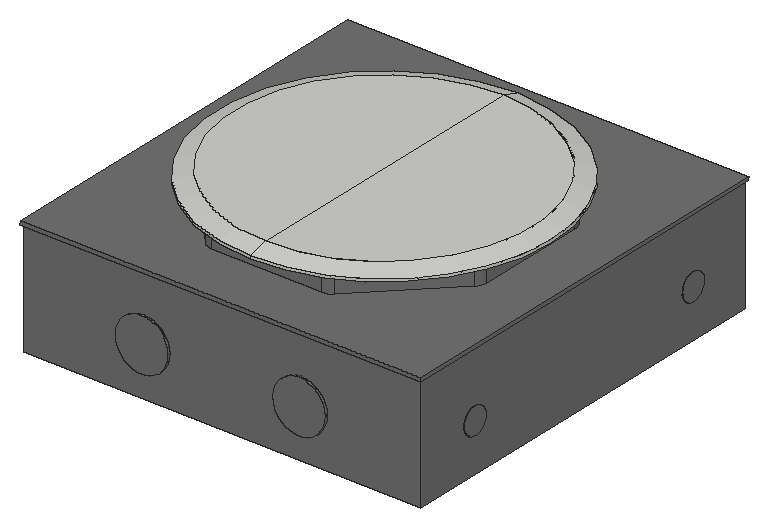
Revit family "Electrical_Equipment-Floor_Box-Hubbell_Wiring-4_Gang-Concrete_Deep-CFB4G30RCI", category Electrical Fixtures, host Face, Revit 2015
Parameters (values of type "CFB4G30RCI")
  URL = "http://www.hubbell-wiring.com/"
  Product data url = "https://bimobject.com/hubbellwiring/product/hubbell-cfb4g30"
  Product Page URL = "http://ecatalog.hubbell-wiring.com/productinformation/viewcatalog.aspx?Dest=hubbell-wiring.com/press/catalog/O.pdf"
  Product Documentation Link = "http://www.hubbell-wiring.com/DrawingLibrary.aspx/"
  Model = "CFB4G30RCI"
  Manufacturer = "Hubbell-Wiring"  # constant formula
  Keynote = ""
  Device Plate 4 [instance] = Device Plate : FBMP139 - Simplex / 20A - 1.39" circular opening
  Device Plate 3 [instance] = Device Plate : FBMP139 - Simplex / 20A - 1.39" circular opening
  Device Plate 2 [instance] = Device Plate : FBMP139 - Simplex / 20A - 1.39" circular opening
  Device Plate 1 [instance] = Device Plate : FBMP139 - Simplex / 20A - 1.39" circular opening
  Description = "Concrete Floor Box, 4 Gang for 8in Round Cover - Cast Iron"  # constant formula
  Default Elevation = 0.00"
  Cover Type [instance] = CFBS1R8CVR : CFBS1R8CVRNK - Nickel Cover
  Conduit Connector_8 Description = "Conduit 0.75in. Connection"
  Conduit Connector_7 Description = "Conduit 0.75in. Connection"
  Conduit Connector_6 Description = "Conduit 0.75in. Connection"
  Conduit Connector_5 Description = "Conduit 0.75in. Connection"
  Conduit Connector_4 Description = "Conduit 1.5in. Connection"
  Conduit Connector_3 Description = "Conduit 1.5in. Connection"
  Conduit Connector_2 Description = "Conduit 1.5in. Connection"
  Conduit Connector_1 Description = "Conduit 1.5in. Connection"
  Conduit Connector 2 Radius = 0.375"
  Conduit Connector 1 Radius = 0.75"
  Box Material = Metal - Hubbell - Cast Iron
  Assembly Code = "D5020115"
Reference planes (in)
  plane 1 "Center (Front/Back)": y = 0
  plane 2: z = 0
  plane 3 "Center (Left/Right)": x = 0
  plane 4 "Bottom": z = -3.92
  plane 5: y = -3.9
  plane 6: z = -2.5
  plane 7: z = -3.98
  plane 8: x = -5.66626
  plane 9: x = 5.66626
  plane 10: y = 5.79
  plane 11: y = -5.79
  plane 12: z = -3.82
  plane 13: x = -5.46626
  plane 14: x = 5.46626
  plane 15: y = 5.59798
  plane 16: y = -5.59798
  plane 17: z = -0.64
  plane 18: y = 3.9
  plane 19: x = -5.72
  plane 20: x = 5.72
  plane 21: y = -5.85
  plane 22: y = 5.85
  plane 23: x = -2.25
  plane 24: x = 2.25
  plane 25: z = -0.54
Forms (in)
  Extrusion 1, solid, material "Metal - Hubbell - Cast Iron" <- "Box Material"
    sketch origin (0, 0, -3.92) x (0, 1, 0) y (-1, 0, 0)
      loop
        line (-5.79, 5.66626) -> (-5.79, -5.66626) -> (5.79, -5.66626) -> (5.79, 5.66626) -> (-5.79, 5.66626)
    from 0 to 3.28
  Extrusion 2, solid, material "Metal - Hubbell - Cast Iron" <- "Box Material", detail levels medium+fine
    sketch origin (0, 0, 0) x (1, 0, 0) y (0, 0, 1)
      loop
        circle (-2.25, -2.5) r 0.75
      loop
        circle (2.25, -2.5) r 0.75
    from 5.79 to 5.85
  Extrusion 3, solid, material "Metal - Hubbell - Cast Iron" <- "Box Material", detail levels medium+fine
    sketch origin (0, 0, 0) x (1, 0, 0) y (0, 0, -1)
      loop
        circle (-2.25, 2.5) r 0.75
      loop
        circle (2.25, 2.5) r 0.75
    from 5.79 to 5.85
  Extrusion 4, solid, material "Metal - Hubbell - Cast Iron" <- "Box Material", detail levels medium+fine
    sketch origin (0, 0, 0) x (0, 1, 0) y (0, 0, 1)
      loop
        circle (-3.9, -2.5) r 0.375
      loop
        circle (3.9, -2.5) r 0.375
    from 5.66626 to 5.72
  Extrusion 5, solid, material "Metal - Hubbell - Cast Iron" <- "Box Material", detail levels medium+fine
    sketch origin (0, 0, 0) x (0, 1, 0) y (0, 0, -1)
      loop
        circle (-3.9, 2.5) r 0.375
      loop
        circle (3.9, 2.5) r 0.375
    from 5.66626 to 5.72
  Extrusion 6, void
    sketch origin (0, 0, 0) x (1, 0, 0) y (0, 1, 0)
      loop
        line (-5.46626, 5.59798) -> (-5.46626, -5.59798) -> (5.46626, -5.59798) -> (5.46626, 5.59798) -> (-5.46626, 5.59798)
    from -3.82 to -0.64
  Extrusion 7, void
    sketch origin (0, 0, 0) x (1, 0, 0) y (0, 1, 0)
      loop
        line (-5.72, 5.85) -> (-5.72, -5.85) -> (5.72, -5.85) -> (5.72, 5.85) -> (-5.72, 5.85)
    from -3.98 to -0.64
  Sweep 8, solid, material "Metal - Hubbell - Cast Iron" <- "Box Material"
    path origin (0, 0, 0) x (0, 1, 0) y (0, 0, 1)
      loop
        line (0, -0.64) -> (0, -0.54)
    profile origin (0, 0, -0.59) x (0, -1, 0) y (1, 0, 0)
      loop
        line (-5.85, -5.72) -> (5.85, -5.72) -> (5.85, 5.72) -> (-5.85, 5.72) -> (-5.85, -5.72)
  Sweep 9, solid, material "Metal - Hubbell - Cast Iron" <- "Box Material"
    path origin (0, 0, 0) x (0, 1, 0) y (0, 0, 1)
      loop
        line (0, -0.54) -> (0, 0)
    profile origin (0, 0, -0.27) x (0, -1, 0) y (1, 0, 0)
      loop
        arc (-4.18574, -1.57302) -> (-4.15573, -1.72386) -> (-4.07029, -1.85174) r 0.39416
        line (-4.07029, -1.85174) -> (-1.84924, -4.07279)
        arc (-1.84924, -4.07279) -> (-1.72136, -4.15823) -> (-1.57052, -4.18824) r 0.39416
        line (-1.57052, -4.18824) -> (1.57052, -4.18824)
        arc (1.57052, -4.18824) -> (1.72136, -4.15823) -> (1.84924, -4.07279) r 0.39416
        line (1.84924, -4.07279) -> (4.07029, -1.85174)
        arc (4.07029, -1.85174) -> (4.15573, -1.72386) -> (4.18574, -1.57302) r 0.39416
        line (4.18574, -1.57302) -> (4.18574, 1.56802)
        arc (4.18574, 1.56802) -> (4.15573, 1.71886) -> (4.07029, 1.84674) r 0.39416
        line (4.07029, 1.84674) -> (1.84924, 4.06779)
        arc (1.84924, 4.06779) -> (1.72136, 4.15323) -> (1.57052, 4.18324) r 0.39416
        line (1.57052, 4.18324) -> (-1.57052, 4.18324)
        arc (-1.57052, 4.18324) -> (-1.72136, 4.15323) -> (-1.84924, 4.06779) r 0.39416
        line (-1.84924, 4.06779) -> (-4.07029, 1.84674)
        arc (-4.07029, 1.84674) -> (-4.15573, 1.71886) -> (-4.18574, 1.56802) r 0.39416
        line (-4.18574, 1.56802) -> (-4.18574, -1.57302)
Cuts and joins
  Extrusion 6 cuts Extrusion 1
Lines and regions (in)
  symbolic lines
    curve 1: line (0, -5.79, -3.92) -> (0, -5.79, -0.54)
    curve 2: line (0, 5.79, -0.54) -> (0, -5.79, -0.54)
    curve 3: line (0, 5.79, -0.54) -> (0, 5.79, -3.92)
    curve 4: line (0, 5.79, -3.92) -> (0, -5.79, -3.92)
    curve 5: line (5.66626, 0, -0.54) -> (-5.66626, 0, -0.54)
    curve 6: line (-5.66626, 0, -0.54) -> (-5.66626, 0, -3.92)
    curve 7: line (-5.66626, 0, -3.92) -> (5.66626, 0, -3.92)
    curve 8: line (5.66626, 0, -3.92) -> (5.66626, 0, -0.54)
Dimensions and locks (in)
  level to plane 4 "Bottom" = 3.92"
  level to plane 7 = 3.98"
  level to plane 12 = 3.82"
  plane 6 to level = 2.50"
  level to plane 17 = 0.64"
  locked: plane 5 to Extrusion 5 sketch curve at 0
  locked: plane 6 to Extrusion 5 sketch curve at 0  (x2)
  locked: plane 18 to Extrusion 5 sketch curve at 0
  locked: plane 5 to Extrusion 4 sketch curve at 0
  locked: plane 6 to Extrusion 4 sketch curve at 0  (x2)
  locked: plane 18 to Extrusion 4 sketch curve at 0
  host face to plane 4 "Bottom" = 3.92"
  equal spacing: plane 24, plane 3 "Center (Left/Right)", plane 23
  locked: plane 3 "Center (Left/Right)" to plane 23 at 2.25
  equal spacing: plane 18, plane 1 "Center (Front/Back)", plane 5
  plane 18 to plane 1 "Center (Front/Back)" = 3.90"
  equal spacing: plane 16, plane 1 "Center (Front/Back)", plane 15
  equal spacing: plane 11, plane 1 "Center (Front/Back)", plane 10
  equal spacing: plane 21, plane 1 "Center (Front/Back)", plane 22
  equal spacing: plane 13, plane 3 "Center (Left/Right)", plane 14
  equal spacing: plane 8, plane 3 "Center (Left/Right)", plane 9
  equal spacing: plane 19, plane 3 "Center (Left/Right)", plane 20
  plane 19 to plane 20 = 11.44"
  locked: plane 22 to plane 21 at 11.7
  locked: plane 22 to plane 10 at 0.06
  locked: plane 15 to plane 22 at 0.25202
  locked: plane 19 to plane 8 at 0.05374
  locked: plane 19 to plane 13 at 0.25374
  plane 25 to plane 17 = 0.10"
  plane 2 to plane 4 "Bottom" = 3.92"
  locked: plane 3 "Center (Left/Right)" to Sweep 9 at 4.18324
  "Conduit Connector 2 Radius": radius of Extrusion 5 sketch curve  (x2)
  "Conduit Connector 2 Radius": radius of Extrusion 4 sketch curve  (x2)
  "Conduit Connector 1 Radius": radius of Extrusion 2 sketch curve  (x2)
  "Conduit Connector 1 Radius": radius of Extrusion 3 sketch curve  (x2)
  aligned and locked: host face to plane 2
  aligned and locked: level to host face
  aligned and locked: plane 8 to Extrusion 5
  aligned and locked: Extrusion 4 to plane 9
  aligned and locked: Extrusion 2 to plane 11
  aligned and locked: plane 10 to Extrusion 3
  aligned and locked: Extrusion 1 to plane 4 "Bottom"
  aligned and locked: Extrusion 1 sketch curve to plane 9
  aligned and locked: plane 10 to Extrusion 1 sketch curve
  aligned and locked: plane 8 to Extrusion 1 sketch curve
  aligned and locked: plane 11 to Extrusion 1 sketch curve
  aligned and locked: cut or joined group of Extrusion 1, Extrusion 6 to plane 13
  aligned and locked: plane 14 to cut or joined group of Extrusion 1, Extrusion 6
  aligned and locked: cut or joined group of Extrusion 1, Extrusion 6 to plane 15
  aligned and locked: plane 16 to cut or joined group of Extrusion 1, Extrusion 6
  aligned and locked: curve 4 to plane 4 "Bottom"
  aligned and locked: plane 11 to curve 1
  aligned and locked: Extrusion 5 to plane 19
  aligned and locked: plane 20 to Extrusion 4
  aligned and locked: plane 21 to Extrusion 2
  aligned and locked: plane 22 to Extrusion 3
  aligned and locked: curve 7 to plane 4 "Bottom"
  aligned and locked: plane 9 to curve 8
  aligned and locked: Extrusion 6 to plane 12
  aligned and locked: plane 23 to Extrusion 2 sketch curve
  aligned and locked: plane 24 to Extrusion 2 sketch curve
  aligned and locked: plane 6 to Extrusion 2 sketch curve  (x2)
  aligned and locked: plane 23 to Extrusion 3 sketch curve
  aligned and locked: plane 6 to Extrusion 3 sketch curve  (x2)
  aligned and locked: plane 24 to Extrusion 3 sketch curve
  aligned and locked: plane 17 to Extrusion 6
  aligned and locked: Extrusion 1 to Extrusion 6
  aligned and locked: plane 10 to curve 3
  aligned and locked: Extrusion 7 to plane 19
  aligned and locked: plane 20 to Extrusion 7
  aligned and locked: plane 21 to Extrusion 7
  aligned and locked: plane 22 to Extrusion 7
  aligned and locked: Extrusion 7 to plane 7
  aligned and locked: Extrusion 7 to cut or joined group of Extrusion 1, Extrusion 6
  aligned and locked: plane 25 to Sweep 8 sketch curve
  aligned and locked: plane 17 to Sweep 8 sketch curve
  aligned and locked: plane 1 "Center (Front/Back)" to Sweep 8 sketch curve
  aligned and locked: plane 1 "Center (Front/Back)" to Sweep 9 sketch curve
  aligned and locked: plane 2 to Sweep 9 sketch curve
  aligned and locked: plane 25 to Sweep 9 sketch curve
  aligned and locked: Sweep 8 sketch curve to plane 21
  aligned and locked: Sweep 8 sketch curve to plane 20
  aligned and locked: Sweep 8 sketch curve to plane 22
  aligned and locked: Sweep 8 sketch curve to plane 19
  aligned and locked: plane 3 "Center (Left/Right)" to nested 1
  aligned and locked: plane 1 "Center (Front/Back)" to nested 1
  aligned and locked: curve 6 to plane 8
  aligned and locked: plane 25 to curve 5
  aligned and locked: curve 2 to plane 25
Automatic sketch dimensions
  host sketch curve to host sketch curve = 96.00"  (x2)
  Extrusion 6 sketch curve to plane 13 = 0.00"
  plane 14 to Extrusion 6 sketch curve = 0.00"
  plane 16 to Extrusion 6 sketch curve = 0.00"
  Extrusion 6 sketch curve to plane 15 = 0.00"
  Extrusion 7 sketch curve to plane 19 = 0.00"
  plane 19 to Extrusion 7 sketch curve = 11.44"
  Extrusion 7 sketch curve to plane 22 = 11.70"
  Extrusion 7 sketch curve to Extrusion 7 sketch curve = 11.70"
  Sweep 9 sketch curve to plane 3 "Center (Left/Right)" = 1.57302"
  profile plane to Sweep 9 sketch curve = 4.18574"
  Sweep 9 sketch curve to Sweep 9 sketch curve = 0.11545"  (x6)
  Sweep 9 sketch curve to Sweep 9 sketch curve = 0.39416"  (x3)
  plane 3 "Center (Left/Right)" to Sweep 9 sketch curve = 1.56802"  (x2)
  profile plane to Sweep 9 sketch curve = 1.84924"
  Sweep 9 sketch curve to Sweep 9 sketch curve = 2.22105"  (x3)
  Sweep 9 sketch curve to Sweep 9 sketch curve = 0.27872"  (x6)
  Sweep 9 sketch curve to profile plane = 1.57052"
  Sweep 9 sketch curve to plane 3 "Center (Left/Right)" = 1.85174"
  Sweep 9 sketch curve to profile plane = 1.84924"
  profile plane to Sweep 9 sketch curve = 1.57052"
  plane 3 "Center (Left/Right)" to Sweep 9 sketch curve = 1.84674"
Nested families (in)
  nested 1: "CFBS1R8CVR" at (0, 0, 0), type <- "Cover Type", type "CFBS1R8CVRNK - Nickel Cover"
  nested 2: "Device Plate" at (-0.02852, -0.40202, 0), type "FBMP139 - Simplex / 20A - 1.39" circular opening"
Connectors (in)
  cabletrayconduit at (-2.25, -5.85, -2.5), diameter 1.5, driven by "Conduit Connector 1 Radius", driven by "Conduit Connector_1 Description"
    settings: on Extrusion 2, index 1, connector width 12.00", connector height 12.00", connector angle 0.00°, system type 32, placement type 0, profile type 0, connector reference index -1, is primary connector yes, connector utility param no, connector description "Conduit 1.5in. Connection"
  cabletrayconduit at (2.25, -5.85, -2.5), diameter 1.5, driven by "Conduit Connector 1 Radius", driven by "Conduit Connector_2 Description"
    settings: on Extrusion 2, index 2, connector width 12.00", connector height 12.00", connector angle 0.00°, system type 32, placement type 0, profile type 0, connector reference index -1, is primary connector no, connector utility param no, connector description "Conduit 1.5in. Connection"
  cabletrayconduit at (2.25, 5.85, -2.5), diameter 1.5, driven by "Conduit Connector 1 Radius", driven by "Conduit Connector_3 Description"
    settings: on Extrusion 3, index 3, connector width 12.00", connector height 12.00", connector angle 0.00°, system type 32, placement type 0, profile type 0, connector reference index -1, is primary connector no, connector utility param no, connector description "Conduit 1.5in. Connection"
  cabletrayconduit at (-2.25, 5.85, -2.5), diameter 1.5, driven by "Conduit Connector 1 Radius", driven by "Conduit Connector_4 Description"
    settings: on Extrusion 3, index 4, connector width 12.00", connector height 12.00", connector angle 0.00°, system type 32, placement type 0, profile type 0, connector reference index -1, is primary connector no, connector utility param no, connector description "Conduit 1.5in. Connection"
  cabletrayconduit at (5.72, -3.9, -2.5), diameter 0.75, driven by "Conduit Connector 2 Radius", driven by "Conduit Connector_5 Description"
    settings: on Extrusion 4, index 5, connector width 12.00", connector height 12.00", connector angle 0.00°, system type 32, placement type 0, profile type 0, connector reference index -1, is primary connector no, connector utility param no, connector description "Conduit 0.75in. Connection"
  cabletrayconduit at (5.72, 3.9, -2.5), diameter 0.75, driven by "Conduit Connector 2 Radius", driven by "Conduit Connector_6 Description"
    settings: on Extrusion 4, index 6, connector width 12.00", connector height 12.00", connector angle 0.00°, system type 32, placement type 0, profile type 0, connector reference index -1, is primary connector no, connector utility param no, connector description "Conduit 0.75in. Connection"
  cabletrayconduit at (-5.72, 3.9, -2.5), diameter 0.75, driven by "Conduit Connector 2 Radius", driven by "Conduit Connector_7 Description"
    settings: on Extrusion 5, index 7, connector width 12.00", connector height 12.00", connector angle 0.00°, system type 32, placement type 0, profile type 0, connector reference index -1, is primary connector no, connector utility param no, connector description "Conduit 0.75in. Connection"
  cabletrayconduit at (-5.72, -3.9, -2.5), diameter 0.75, driven by "Conduit Connector 2 Radius", driven by "Conduit Connector_8 Description"
    settings: on Extrusion 5, index 8, connector width 12.00", connector height 12.00", connector angle 0.00°, system type 32, placement type 0, profile type 0, connector reference index -1, is primary connector no, connector utility param no, connector description "Conduit 0.75in. Connection"
Definition of nested family "CFBS1R8CVR"
  Parameters
    URL = "http://www.hubbell-wiring.com/"
    Product Page URL = ""
    Product Documentation Link = ""
    Model = "CFBS1R8CVRNK"
    Manufacturer = "Hubbell-Wiring"  # constant formula
    Description = "System one 8 inch round cover for recessed floor boxes"  # constant formula
    Default Elevation = 0.00"
    Cover Material = none
    Assembly Code = "D5020115"
  Reference planes (in)
    plane 1 "Center (Front/Back)": y = 0
    plane 2: z = 0
    plane 3 "Center (Left/Right)": x = 0
  Forms (in)
    Extrusion 1, solid
      sketch origin (0, 0, 0) x (1, 0, 0) y (0, 1, 0)
        loop
          line (-48, 48) -> (-48, -48) -> (48, -48) -> (48, 48) -> (-48, 48)
      from 0 to -12
    Revolve 2, solid, material <- "Cover Material"
      sketch origin (0, 0, 0) x (0, 1, 0) y (0, 0, 1)
        loop
          line (0, 0.24) -> (-4.25, 0.24) -> (-4.75, 0.07409) -> (-4.75, 0) -> (-4, 0) -> (-4, -0.76) -> (0, -0.76) -> (0, 0.24)
        axis (0, 0.24) -> (0, -0.76)
      angle from 0 to 360
  Lines and regions (in)
    symbolic lines
      curve 1: line (-4.25036, 0, 0.24) -> (4.24848, 0, 0.24)
      curve 2: line (4.74848, 0, 0) -> (-4.75036, 0, 0)
      curve 3: line (3.99848, 0, -0.76) -> (-4.00036, 0, -0.76)
      curve 4: line (3.99848, 0, 0) -> (3.99848, 0, -0.76)
      curve 5: line (-4.00036, 0, -0.76) -> (-4.00036, 0, 0)
      curve 6: line (0, 4.25, 0.24) -> (0, -4.25, 0.24)
      curve 7: line (0, -4.75, 0) -> (0, 4.75, 0)
      curve 8: line (0, 4, -0.76) -> (0, 4, 0)
      curve 9: line (0, -4, -0.76) -> (0, 4, -0.76)
      curve 10: line (0, -4, 0) -> (0, -4, -0.76)
      curve 16: line (-4.75036, 0, 0) -> (-4.75036, 0, 0.07409)
      curve 17: line (4.74848, 0, 0) -> (4.74848, 0, 0.07409)
      curve 19: line (-4.75036, 0, 0.07409) -> (-4.25036, 0, 0.24)
      curve 21: line (4.24848, 0, 0.24) -> (4.74848, 0, 0.07409)
      curve 24: line (0, 4.25, 0.24) -> (0, 4.75, 0.07409)
      curve 25: line (0, -4.25, 0.24) -> (0, -4.75, 0.07409)
      curve 26: line (0, -4.75, 0.07409) -> (0, -4.75, 0)
      curve 27: line (0, 4.75, 0) -> (0, 4.75, 0.07409)
      curve 46: circle (0, 0, 0) r 4.75 normal (0, 0, 1)
      curve 47: circle (0, 0, 0) r 4.25 normal (0, 0, 1)
    reference lines
      curve 11: line (-2.98985, 0, 0.53206) -> (-4.78257, 0, -0.06281)
      curve 12: arc (-1.875, 2.145, 0) -> (-1.69822, 2.07178, 0) -> (-1.625, 1.895, 0) r 0.25
      curve 13: arc (-1.875, -2.145, 0) -> (-1.69822, -2.07178, 0) -> (-1.625, -1.895, 0) r 0.25
      curve 14: arc (1.875, 2.145, 0) -> (1.69822, 2.07178, 0) -> (1.625, 1.895, 0) r 0.25
      curve 15: arc (1.875, -2.145, 0) -> (1.69822, -2.07178, 0) -> (1.625, -1.895, 0) r 0.25
      curve 18: line (-3.87, 0, 0.24) -> (-4.37, 0, 0.07409)
      curve 20: line (3.51326, 0, 0.35838) -> (4.59327, 0, 0)
      curve 22: line (0, 6.70455, 0.32476) -> (0, 7.57568, 0.0357)
      curve 23: line (0, -6.61229, 0.35538) -> (0, -7.58929, 0.03119)
    model lines, detail levels medium+fine
      curve 28: line (-3.84148, 1.81811, 0.24) -> (-2.94463, 1.81811, 0.24)
      curve 29: arc (-2.44463, 1.31811, 0.24) -> (-2.59107, 1.67166, 0.24) -> (-2.94463, 1.81811, 0.24) r 0.5
      curve 30: line (-3.84148, -1.81811, 0.24) -> (-2.94463, -1.81811, 0.24)
      curve 31: line (-2.44463, -1.31811, 0.24) -> (-2.44463, 1.31811, 0.24)
      curve 32: arc (-2.44463, -1.31811, 0.24) -> (-2.59107, -1.67166, 0.24) -> (-2.94463, -1.81811, 0.24) r 0.5
      curve 33: line (-0.64368, -2.06811, 0.24) -> (-0.64368, -1.5462, 0.24)
      curve 34: line (0.64368, -2.06811, 0.24) -> (-0.64368, -2.06811, 0.24)
      curve 35: line (0.64368, -1.5462, 0.24) -> (0.64368, -2.06811, 0.24)
      curve 36: arc (-0.64368, -1.5462, 0.24) -> (-0.49723, -1.19264, 0.24) -> (-0.14368, -1.0462, 0.24) r 0.5
      curve 37: arc (0.14368, -1.0462, 0.24) -> (0.49723, -1.19264, 0.24) -> (0.64368, -1.5462, 0.24) r 0.5
      curve 38: line (-0.14368, -1.0462, 0.24) -> (-0.14368, -0.7962, 0.24)
      curve 39: line (-0.14368, -0.7962, 0.24) -> (0.14368, -0.7962, 0.24)
      curve 40: line (0.14368, -0.7962, 0.24) -> (0.14368, -1.0462, 0.24)
      curve 41: line (3.84148, 1.81811, 0.24) -> (2.94463, 1.81811, 0.24)
      curve 42: arc (2.44463, 1.31811, 0.24) -> (2.59107, 1.67166, 0.24) -> (2.94463, 1.81811, 0.24) r 0.5
      curve 43: line (3.84148, -1.81811, 0.24) -> (2.94463, -1.81811, 0.24)
      curve 44: line (2.44463, -1.31811, 0.24) -> (2.44463, 1.31811, 0.24)
      curve 45: arc (2.44463, -1.31811, 0.24) -> (2.59107, -1.67166, 0.24) -> (2.94463, -1.81811, 0.24) r 0.5
  Dimensions and locks (in)
    aligned and locked: plane 2 to Extrusion 1
    aligned and locked: level to Extrusion 1
Definition of nested family "Device Plate"
  Parameters
    URL = ""
    Product Documentation Link = ""
    Model = "FBMPAAP"
    Manufacturer = "Hubbell-Wiring"  # constant formula
    Description = ""
    Assembly Code = ""
  Reference planes (in)
    plane 1 "Center (Front/Back)": y = 0
    plane 2: z = 0
    plane 3 "Center (Left/Right)": x = 0
  Dimensions and locks (in)
    aligned and locked: plane 2 to level
